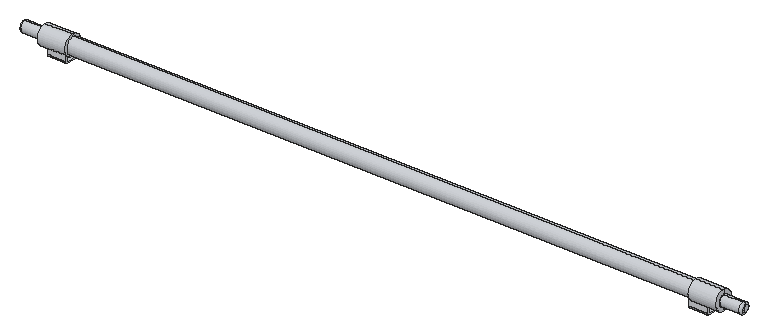
Revit family "0045748", category Lighting Fixtures, host Face, Revit 2017
Family settings
  Host = Face
  Round Connector Dimension = Use Diameter
  Part Type = Normal
  OmniClass Number = 23.80.70.00
  OmniClass Title = Lighting
  Cut with Voids When Loaded = No
  Light Source = Yes
  Shared = No
  Room Calculation Point = No
Parameters (values of type "0045748 ST E BATTEN 1200 IP65 2600LM 840")
  Weight = "7.8 kg"
  Wattage Comments = ""
  Wattage = 18 W
  WarrantyStartDate [instance] = "n/a"
  WarrantyGuarantorParts = "n/a"
  WarrantyDurationUnit = "n/a"
  WarrantyDurationParts = "n/a"
  WarrantyDescription = "n/a"
  built-in parameter 1150110 = 1 (stored number, unit not read)
  Voltage = 0 V
  URL = "http://www.sylvania-lighting.com"
  TypeName = "START eco Batten 1200 IP65 2600lm 840"
  Type Image = <None>
  Type Comments = "n/a"
  built-in parameter 1114217 = 1 (stored number, unit not read)
  Tilt Angle = -90.00°
  built-in parameter 1150109 = 1 (stored number, unit not read)
  built-in parameter 1150134 = 12
  built-in parameter 1150113 = 1 (stored number, unit not read)
  SerialNumber [instance] = "n/a"
  Photometric Web File = "0045748.ies"
  Material_3_SYL = none
  PowerFactor = 0.9
  PowerConsumption = "18 W"
  NominalLength = 1280 mm
  NominalHeight = 50 mm
  NominalDepth = 43 mm
  Name = "START eco Batten 1200 IP65 2600lm 840"
  ModelReference = Name  # "START eco Batten 1200 IP65 2600lm 840"
  ModelNumber = "0045748"
  Model = Name  # "START eco Batten 1200 IP65 2600lm 840"
  Material = "pc polycarbonate housing, pc polycarbonate diffuser"
  ManufacturerName = "Feilo Sylvania"
  Manufacturer = "Feilo Sylvania"
  LuminousEfficacy = "144 lm/W"
  built-in parameter 1150105 = 206.26 (stored number, unit not read)
  Lumens = 2592 lm
  LuminaireType = ""
  built-in parameter 1150115 = 1 (stored number, unit not read)
  LightOutputRatio = "n/a"
  built-in parameter 1150137 = (empty or 0)
  built-in parameter 1150139 = (empty or 0)
  LampsType = Lamp  # "LED"
  LampNominalLuminous = "2600 lm"
  LampMacAdamStep = "5"
  LampColourTemperature = "4000 K"
  LampColourRenderingIndex = "80"
  built-in parameter 1150112 = 1 (stored number, unit not read)
  built-in parameter 1150114 = 1 (stored number, unit not read)
  Lamp = "LED"
  L_CABLE_SYL = 47 mm
  LUM_LENGHT1500_SYL = yes
  LAMP_L1_SYL = if(LUM_LENGHT1500_SYL, 678 mm, 533 mm)  # 678 mm
  LUM_D2_SYL = 38 mm - LUM_D1_SYL  # 0 mm
  LUM_D1_SYL = 38 mm
  L3_SYL = 60 mm
  Keynote = "16500"
  InstallationDate [instance] = "n/a"
  InputVoltage = "n/a"
  InputNominalFrequency = "n/a"
  built-in parameter 1150132 = (empty or 0)
  built-in parameter 1150102 = (empty or 0)
  built-in parameter 1150107 = 4000 (stored number, unit not read)
  built-in parameter 1150138 = (empty or 0)
  IngressProtection = "IP65"
  ImpactProtectionIndex = "IK08"
  built-in parameter 1150106 = 2.0626 (stored number, unit not read)
  IfcExportType = "IfcLightFixtureType"
  IfcExportAs = "IfcLightFixtureType"
  Emit from Circle Diameter = 609.6 mm
  Emit Shape Visible in Rendering = no
  ElectricShockClassification = "Class II"
  built-in parameter 1150104 = 13.378 (stored number, unit not read)
  DocumentationLiterature = "http://www.sylvania-lighting.com/product/en-int/products/0045748"
  DimmingControlOptions = "n/a"
  Material_2_SYL = none
  Dimming Lamp Color Temperature Shift = <None>
  Description = ""
  Default Elevation = 1219.2 mm
  CreatedOn = "10/6/2020"
  CreatedBy = "@sylvania-lighting.com"
  Cost = 0
  Color Filter = 16777215
  built-in parameter 1114216 [instance] = (empty or 0)
  ClassificationValue = "EF_70_80"
  ClassificationName = "Uniclass2015"
  Material_1_SYL = none
  CABLE_D_SYL = 23 mm
  BarCode [instance] = "n/a"
  built-in parameter 1114218 = 1 (stored number, unit not read)
  BRACKET2_ST_SYL = 0 mm
  BRACKET2_END_SYL = 0 mm
  BRACKET1_ST_SYL = if(LUM_LENGHT1500_SYL, 399 mm, 214 mm)  # 399 mm
  BRACKET1_END_SYL = if(LUM_LENGHT1500_SYL, 359 mm, 254 mm)  # 359 mm
  built-in parameter 1150133 = 10 (stored number, unit not read)
  AssetType = "Fixed"
  AssetIdentifier [instance] = "n/a"
  Assembly Code = "D5020200"
  Apparent Load = 18 VA
  Material_4_SYL = none
Types (6, lengths in mm): name | Weight | Wattage | TypeName | built-in parameter 1150134 | Photometric Web File | PowerConsumption | NominalLength | NominalHeight | NominalDepth | Name | ModelReference | ModelNumber | Model | Material | LuminousEfficacy | built-in parameter 1150105 | Lumens | LightOutputRatio | LampNominalLuminous | LampColourTemperature | built-in parameter 1150107 | built-in parameter 1150106 | built-in parameter 1150104 | DocumentationLiterature | Description | Apparent Load
  0045751 ST E BATTEN 1500 IP65 3300LM 830 | "9.0 kg" | 23 W | "START eco Batten 1500 IP65 3300lm 830" | (empty or 0) | "0045751.ies" | "23 W" | 1570 | 50 | 43 | "START eco Batten 1500 IP65 3300lm 830" | "START eco Batten 1500 IP65 3300lm 830" | "0045751" | "START eco Batten 1500 IP65 3300lm 830" | "pc polycarbonate housing, pc polycarbonate diffuser" | "143 lm/W" | 261.73 (stored number, unit not read) | 3289 lm | "n/a" | "3300 lm" | "3000 K" | 3000 (stored number, unit not read) | 2.6173 (stored number, unit not read) | 13.285 (stored number, unit not read) | "http://www.sylvania-lighting.com/product/en-int/products/0045751" | "" | 23 VA
  0045748 ST E BATTEN 1200 IP65 2600LM 840 | "7.8 kg" | 18 W | "START eco Batten 1200 IP65 2600lm 840" | 12 | "0045748.ies" | "18 W" | 1280 | 50 | 43 | "START eco Batten 1200 IP65 2600lm 840" | "START eco Batten 1200 IP65 2600lm 840" | "0045748" | "START eco Batten 1200 IP65 2600lm 840" | "pc polycarbonate housing, pc polycarbonate diffuser" | "144 lm/W" | 206.26 (stored number, unit not read) | 2592 lm | "n/a" | "2600 lm" | "4000 K" | 4000 (stored number, unit not read) | 2.0626 (stored number, unit not read) | 13.378 (stored number, unit not read) | "http://www.sylvania-lighting.com/product/en-int/products/0045748" | "" | 18 VA
  0045747 ST E BATTEN 1200 IP65 2600LM 830 | "7.8 kg" | 18 W | "START eco Batten 1200 IP65 2600lm 830" | (empty or 0) | "0045747.ies" | "18 W" | 1280 | 50 | 43 | "START eco Batten 1200 IP65 2600lm 830" | "START eco Batten 1200 IP65 2600lm 830" | "0045747" | "START eco Batten 1200 IP65 2600lm 830" | "pc polycarbonate housing, pc polycarbonate diffuser" | "144 lm/W" | 206.26 (stored number, unit not read) | 2592 lm | "n/a" | "2600 lm" | "3000 K" | 3000 (stored number, unit not read) | 2.0626 (stored number, unit not read) | 13.378 (stored number, unit not read) | "http://www.sylvania-lighting.com/product/en-int/products/0045747" | "" | 18 VA
  0045415 ST E BATTEN NEO 1500 IP65 3200LM 865 ME | "9.132 kg" | 42 W | "START eco Batten NEO 1500 IP65 3200lm 865 ME" | 1 | "0045415.ies" | "42 W" | 1200 | 53.6 | 80 | "START eco Batten NEO 1500 IP65 3200lm 865 ME" | "START eco Batten NEO 1500 IP65 3200lm 865 ME" | "0045415" | "START eco Batten NEO 1500 IP65 3200lm 865 ME" | "n/a" | "124 lm/W" | 414.44 (stored number, unit not read) | 5208 lm | "100" | "5200 lm" | "6500 K" | 6500 (stored number, unit not read) | 4.1444 (stored number, unit not read) | 11.52 (stored number, unit not read) | "http://www.sylvania-lighting.com/product/en-int/products/0045415" | "The new upgraded Start eco Batten IP65 (upgraded version of Batten LED LINK) is a versatile range of slimline LED waterproof luminaires that provide an ideal solution for interior and exterior applications such as workshops, garages and outdoor covered spaces. The design allows the luminaire to be easily linked to another luminaire through an IP65 rated connector. The product can be a slimline replacement for single and twin 36W/58W fluorescent waterproof battens.Polycarbonate housing and diffuser, 5200 lm, 42 W, 124 lm/W, 4000 K, drive current 270 mA, non dimmable, CRI 80, IP65, IK08, Class II, nominal average lifetime (h): 30000, 1200 mm x 80 mm x 53.6 mm, energy class: A++ A+ A." | 42 VA
  0045413 ST E BATTEN NEO 1200 IP65 2500LM 865 ME | "7.284 kg" | 18 W | "START eco Batten NEO 1200 IP65 2500lm 865 ME" | 1 | "0045413.ies" | "18 W" | 1500 | 52.8 | 44 | "START eco Batten NEO 1200 IP65 2500lm 865 ME" | "START eco Batten NEO 1200 IP65 2500lm 865 ME" | "0045413" | "START eco Batten NEO 1200 IP65 2500lm 865 ME" | "n/a" | "144 lm/W" | 206.26 (stored number, unit not read) | 2592 lm | "100" | "2600 lm" | "6500 K" | 6500 (stored number, unit not read) | 2.0626 (stored number, unit not read) | 13.378 (stored number, unit not read) | "http://www.sylvania-lighting.com/product/en-int/products/0045413" | "The new upgraded Start eco Batten IP65 (upgraded version of Batten LED LINK) is a versatile range of slimline LED waterproof luminaires that provide an ideal solution for interior and exterior applications such as workshops, garages and outdoor covered spaces. The design allows the luminaire to be easily linked to another luminaire through an IP65 rated connector. The product can be a slimline replacement for single and twin 36W/58W fluorescent waterproof battens.Polycarbonate housing and diffuser, 3200 lm, 26 W, 123 lm/W, 4000 K, drive current 170 mA, non dimmable, CRI 80, IP65, IK08, Class II, nominal average lifetime (h): 30000, 1500 mm x 42 mm x 52.8 mm, energy class: A++ A+ A." | 18 VA
  0045752 ST E BATTEN 1500 IP65 3300LM 840 | "7.2 kg" | 23 W | "START eco Batten 1500 IP65 3300lm 840" | 12 | "0045752.ies" | "23 W" | 1570 | 50 | 43 | "START eco Batten 1500 IP65 3300lm 840" | "START eco Batten 1500 IP65 3300lm 840" | "0045752" | "START eco Batten 1500 IP65 3300lm 840" | "pc polycarbonate housing, pc polycarbonate diffuser" | "143 lm/W" | 261.73 (stored number, unit not read) | 3289 lm | "n/a" | "3300 lm" | "4000 K" | 4000 (stored number, unit not read) | 2.6173 (stored number, unit not read) | 13.285 (stored number, unit not read) | "http://www.sylvania-lighting.com/product/en-int/products/0045752" | "" | 23 VA
Reference planes
  plane 1 "Center (Front/Back)": y = 0
  plane 2: z = 0
  plane 3 "Center (Left/Right)": x = 0
  plane 4: x = 678
  plane 5: x = 738
  plane 6: x = 785
  plane 7: x = -678
  plane 8: x = -738
  plane 9: x = -785
  plane 10: z = -38
  plane 11: z = 0
  plane 12: z = -17
  plane 13: z = -28.5
  plane 14: z = -5.5
  plane 15: z = -34
  plane 16: z = 0
  plane 17: z = -48
  plane 18: y = 18
  plane 19: y = -18
  plane 20: z = -46
  plane 21: y = 16
  plane 22: y = -16
Forms (mm)
  Revolve 1, solid
    sketch origin (0, 0, 0) x (1, 0, 0) y (0, 0, 1)
      loop
        line (785, -17) -> (-785, -17) -> (-785, -24.5)
        arc (-785, -24.5) -> (-783.828, -27.328) -> (-781, -28.5) r 4
        line (-781, -28.5) -> (-739, -28.5)
        arc (-739, -28.5) -> (-738.293, -28.793) -> (-738, -29.5) r 1
        line (-738, -29.5) -> (-738, -38) -> (-678, -38) -> (-678, -34) -> (678, -34) -> (678, -38) -> (738, -38) -> (738, -29.5)
        arc (738, -29.5) -> (738.293, -28.793) -> (739, -28.5) r 1
        line (739, -28.5) -> (781, -28.5)
        arc (781, -28.5) -> (783.828, -27.328) -> (785, -24.5) r 4
        line (785, -24.5) -> (785, -17)
      axis (785, -17) -> (-785, -17)
    angle from 360 to 0
  Extrusion 2, solid
    sketch origin (319, 1524, 1219.2) x (0, 1, 0) y (0, 0, 1)
      loop
        line (-1506, -1236.2) -> (-1508, -1236.2) -> (-1508, -1259.184)
        arc (-1508, -1259.184) -> (-1509.172, -1262.013) -> (-1512, -1263.184) r 4
        line (-1512, -1263.184) -> (-1536, -1263.184)
        arc (-1536, -1263.184) -> (-1538.828, -1262.013) -> (-1540, -1259.184) r 4
        line (-1540, -1259.184) -> (-1540, -1236.2) -> (-1542, -1236.2) -> (-1542, -1261.2)
        arc (-1542, -1261.2) -> (-1540.828, -1264.028) -> (-1538, -1265.2) r 4
        line (-1538, -1265.2) -> (-1510, -1265.2)
        arc (-1510, -1265.2) -> (-1507.172, -1264.028) -> (-1506, -1261.2) r 4
        line (-1506, -1261.2) -> (-1506, -1236.2)
    from 359 <- "BRACKET1_END_SYL" to 399 <- "BRACKET1_ST_SYL"
  Extrusion 3, solid
    sketch origin (-319, 1524, 1219.2) x (0, 1, 0) y (0, 0, -1)
      loop
        line (-1506, 1236.2) -> (-1506, 1261.2)
        arc (-1506, 1261.2) -> (-1507.172, 1264.028) -> (-1510, 1265.2) r 4
        line (-1510, 1265.2) -> (-1538, 1265.2)
        arc (-1538, 1265.2) -> (-1540.828, 1264.028) -> (-1542, 1261.2) r 4
        line (-1542, 1261.2) -> (-1542, 1236.2) -> (-1540, 1236.2) -> (-1540, 1259.184)
        arc (-1540, 1259.184) -> (-1538.828, 1262.013) -> (-1536, 1263.184) r 4
        line (-1536, 1263.184) -> (-1512, 1263.184)
        arc (-1512, 1263.184) -> (-1509.172, 1262.013) -> (-1508, 1259.184) r 4
        line (-1508, 1259.184) -> (-1508, 1236.2) -> (-1506, 1236.2)
    from 359 <- "BRACKET1_END_SYL" to 399 <- "BRACKET1_ST_SYL"
Dimensions and locks
  "LAMP_L1_SYL": plane 4 to plane 3 "Center (Left/Right)"
  "LAMP_L1_SYL": plane 3 "Center (Left/Right)" to plane 7
  "L3_SYL": plane 5 to plane 4
  "L_CABLE_SYL": plane 6 to plane 5
  plane 7 to plane 8 = 60 mm
  plane 8 to plane 9 = 47 mm
  "L3_SYL": plane 7 to plane 8
  "L_CABLE_SYL": plane 8 to plane 9
  "LUM_D1_SYL": host face to plane 10
  "LUM_D2_SYL": plane 11 to host face
  "CABLE_D_SYL": plane 14 to plane 13
  host face to plane 15 = 34 mm
  plane 11 to host face to plane 10 = 0 mm, 38 mm
  plane 17 to host face = 48 mm
  aligned and locked: plane 2 to host face
  aligned and locked: level to host face
Automatic sketch dimensions
  host sketch curve to host sketch curve = 2438.4 mm  (x2)
  Revolve 1 sketch curve to plane 12 = 0 mm  (x2)
  Revolve 1 sketch curve to plane 9 = 0 mm
  Revolve 1 sketch curve to plane 13 = 0 mm  (x2)
  Revolve 1 sketch curve to plane 8 = 0 mm
  Revolve 1 sketch curve to plane 7 = 0 mm
  Revolve 1 sketch curve to plane 4 = 0 mm
  Revolve 1 sketch curve to plane 5 = 0 mm
  Revolve 1 sketch curve to plane 6 = 0 mm
  Revolve 1 sketch curve to plane 10 = 0 mm  (x2)
  Revolve 1 sketch curve to plane 15 = 0 mm
  plane 9 to Revolve 1 sketch curve = 4 mm
  Revolve 1 sketch curve to Revolve 1 sketch curve = 1 mm  (x2)
  Revolve 1 sketch curve to plane 6 = 4 mm
  Revolve 1 sketch curve to Revolve 1 sketch curve = 411.5 mm
  Revolve 1 sketch curve to Revolve 1 sketch curve = 419.9 mm
  plane 12 to Extrusion 2 sketch curve = 0 mm  (x2)
  Extrusion 2 sketch curve to plane 19 = 0 mm
  Extrusion 2 sketch curve to plane 22 = 0 mm
  Extrusion 2 sketch curve to plane 17 = 2 mm
  Extrusion 2 sketch curve to plane 20 = 2.016 mm
  Extrusion 2 sketch curve to plane 21 = 0 mm
  Extrusion 2 sketch curve to plane 18 = 0 mm
  Extrusion 2 sketch curve to plane 20 = 4 mm  (x2)
  Extrusion 2 sketch curve to Extrusion 2 sketch curve = 2 mm
  plane 21 to Extrusion 2 sketch curve = 4 mm
  plane 12 to Extrusion 3 sketch curve = 0 mm  (x2)
  Extrusion 3 sketch curve to plane 19 = 0 mm
  Extrusion 3 sketch curve to plane 22 = 0 mm
  Extrusion 3 sketch curve to plane 17 = 2 mm
  Extrusion 3 sketch curve to plane 20 = 2.016 mm
  Extrusion 3 sketch curve to plane 21 = 0 mm
  Extrusion 3 sketch curve to plane 18 = 0 mm
  Extrusion 3 sketch curve to plane 20 = 4 mm  (x2)
  Extrusion 3 sketch curve to Extrusion 3 sketch curve = 2 mm
  plane 21 to Extrusion 3 sketch curve = 4 mm
Connectors
  electrical at (0, 0, 0), driven by "Apparent Load", driven by "PowerFactor", driven by "Voltage"
    settings: index 1, voltage 0 V, apparent load 18 VA, apparent load phase1 0 VA, apparent load phase2 0 VA, apparent load phase3 0 VA, power factor 0.9, load classification "Lighting", number of poles 1, system type 30, power factor state 1, is connector primary yes, connector utility no, sub classification motor no, connector description ""
